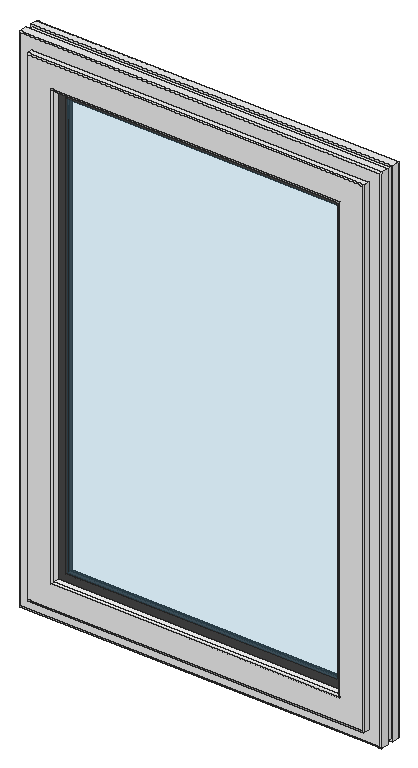
Revit family "92120", category Windows, host Wall, Revit 2018
Family settings
  Host = Wall
  OmniClass Number = 23.30.20.00
  OmniClass Title = Windows
  Always vertical = Yes
  Cut with Voids When Loaded = No
  Shared = No
  Room Calculation Point = No
Parameters (values of type "Tilt Turn Window")
  Width = 36"
  Warranty URL = "http://www.nanawall.com/support/warranty"
  URL = "http://www.nanawall.com"
  Subcategory = "Window"  # constant formula
  Sash = Metal - NanaWall - Aluminum
  Rough Width = Width - 1 25/64"  # 34 39/64"
  Rough Height = Height - 1 25/64"  # 52 39/64"
  Product Page URL = "http://www.nanawall.com/products/wd65/matching-windows"
  Product Documentation Link = "http://www.nanawall.com/cad/configuration/details?id=2&name=WD68&typ=match&cid=459&key=Tilt%20Turn%20Window"
  NanaWall Configurator = "http://www.nanawall.com/content/select-wizard"
  Model = "WD 68 Tilt Turn Window"  # constant formula
  Material = ""
  Manufacturer Toll Free Phone = "(888) 411-NANA(6262)"  # constant formula
  Manufacturer Phone = "(415) 383-3148"  # constant formula
  Manufacturer Fax = "(415) 383-0312"  # constant formula
  Manufacturer Email = "mailto:info@nanawall.com"
  Manufacturer Address = "100 Meadowcreek Drive #250, Corte Madera, CA 94925"  # constant formula
  Manufacturer = "NanaWall Systems, Inc."  # constant formula
  Installation and Service URL = "http://www.nanawall.com/support/installer"
  Height = 54"
  Glazing Options = "http://www.nanawall.com/products/sl48/glazing"
  Glass Material = Glass - NanaWall - Generic
  Filler = Rubber - NanaWall - Black
  Exterior Wall Offset = 3"
  Disclaimer = "Please note that the Revit model is for schematic purposes only.  To obtain a detailed 3D model, please go to the NanaWall's configurator at www.nanawall.com."  # constant formula
  Description = "Monumental Aluminum Framed Matching Windows and Doors"  # constant formula
  Wall Closure = By host
  Default Sill Height = 30"
  Assembly Code = "C1010.2010"
  95 CSI = "8411"  # constant formula
  04 CSI = "08 52 00"  # constant formula
Reference planes (in)
  plane 1 "Center (Front/Back)": y = 0
  plane 2: z = 0
  plane 3 "Center (Left/Right)": x = 0
  plane 4 "Left": x = -18
  plane 5 "Right": x = 18
  plane 6 "Sill": z = 30
  plane 7 "Top": z = 84
  plane 8: y = 1.125
  plane 9: y = 2
  plane 10: x = -16.9943182
  plane 11: x = 16.9943182
  plane 12: x = -21.1022727
  plane 13: x = 21.1022727
  plane 14: z = 87.1022727
  plane 15: z = 26.8977273
Forms (in)
  Extrusion 1, void
    sketch origin (0, 0, 0) x (1, 0, 0) y (0, 0, 1)
      loop
        line (-21.1022727, 87.1022727) -> (-21.1022727, 26.8977273) -> (21.1022727, 26.8977273) -> (21.1022727, 87.1022727) -> (-21.1022727, 87.1022727)
    from -5 to 5
  Sweep 2, solid, material "Rubber - NanaWall - Black" <- "Filler"
    path origin (18, 2, 48) x (1, 0, 0) y (0, 0, 1)
      loop
        line (-36, 36) -> (-36, -18) -> (0, -18) -> (0, 36) -> (-36, 36)
    profile origin (0, 2, 84) x (0, 0, 1) y (0, -1, 0)
      loop
        line (-0.7556818, 0.2897727) -> (-0.7556818, 1.1022727) -> (-2.1306818, 1.1022727) -> (-2.1306818, 0.9460227) -> (-1.0056818, 0.9460227) -> (-1.0056818, 0.4460227) -> (-2.1306818, 0.4460227) -> (-2.1306818, 0.2897727) -> (-0.7556818, 0.2897727)
  Extrusion 3, solid, material "Glass - NanaWall - Generic" <- "Glass Material"
    sketch origin (-18, 0, 0) x (0, -1, 0) y (0, 0, 1)
      loop
        line (-1.5539773, 82.9943182) -> (-1.5539773, 31.0056818) -> (-1.0539773, 31.0056818) -> (-1.0539773, 82.9943182) -> (-1.5539773, 82.9943182)
    from -34.9943182 to -1.0056818
  Sweep 4, solid, material "Metal - NanaWall - Aluminum" <- "Sash"
    path origin (18, 2, 48) x (1, 0, 0) y (0, 0, 1)
      loop
        line (0, 36) -> (-36, 36) -> (-36, -18) -> (0, -18) -> (0, 36)
    profile "Frame : Frame" origin (0, 2, 84) x (0, 0, -1) y (0, -1, 0)
      loop
        line (-2.9829545, -1.3125) -> (-0.3936074, -1.3125)
        arc (-0.3936074, -1.3125) -> (-0.2567312, -1.2693431) -> (-0.1693625, -1.1554821) r 0.2386364
        line (-0.1693625, -1.1554821) -> (0.0412953, -0.5767045) -> (1.0779836, -0.5767045)
        arc (1.0779836, -0.5767045) -> (1.2148598, -0.5335476) -> (1.3022284, -0.4196866) r 0.2386364
        line (1.3022284, -0.4196866) -> (1.4809922, 0.0714629) -> (1.4132506, 0.1392045) -> (1.2329545, 0.1392045) -> (1.2329545, 0) -> (1.1136364, 0) -> (1.1136364, 0.1392045) -> (0.7556818, 0.1392045) -> (0.7556818, 0.3380682) -> (0.65625, 0.3380682) -> (0.65625, 0.6960227) -> (0.7556818, 0.6960227) -> (0.7556818, 1.2727273) -> (1.1534091, 1.2727273) -> (1.1534091, 1.4318182) -> (1.4778466, 1.4318182) -> (1.334595, 1.8872041)
        arc (1.334595, 1.8872041) -> (1.2492031, 2.0060693) -> (1.1090687, 2.0482955) r 0.227439
        line (1.1090687, 2.0482955) -> (-1.5113636, 2.0482955)
        arc (-1.5113636, 2.0482955) -> (-1.5957343, 2.013348) -> (-1.6306818, 1.9289773) r 0.1193182
        line (-1.6306818, 1.9289773) -> (-1.6306818, 1.3125) -> (-2.9829545, 1.3125)
        arc (-2.9829545, 1.3125) -> (-3.0673252, 1.2775525) -> (-3.1022727, 1.1931818) r 0.1193182
        line (-3.1022727, 1.1931818) -> (-3.1022727, 0.3977273) -> (-2.8636364, 0.3977273) -> (-2.8636364, -0.3977273) -> (-3.1022727, -0.3977273) -> (-3.1022727, -1.1931818)
        arc (-3.1022727, -1.1931818) -> (-3.0673252, -1.2775525) -> (-2.9829545, -1.3125) r 0.1193182
Lines and regions (in)
  Masking region 1
    outline origin (0, 0, 0) x (1, 0, 0) y (0, 1, 0)
      loop
        line (19.6306818, -0.0482955) -> (19.6306818, 0.6875) -> (21.1022727, 0.6875) -> (21.1022727, 1.6022727) -> (20.8636364, 1.6022727) -> (20.8636364, 2.3977273) -> (21.1022727, 2.3977273) -> (21.1022727, 3.3125) -> (-21.1022727, 3.3125) -> (-21.1022727, 2.3977273) -> (-20.8636364, 2.3977273) -> (-20.8636364, 1.6022727) -> (-21.1022727, 1.6022727) -> (-21.1022727, 0.6875) -> (-19.6306818, 0.6875) -> (-19.6306818, -0.0482955) -> (19.6306818, -0.0482955)
  Masking region 2
    outline origin (0, 0, 0) x (1, 0, 0) y (0, 1, 0)
      loop
        line (-17.2443182, 1.8607955) -> (-17.2443182, 0.7272727) -> (17.2443182, 0.7272727) -> (17.2443182, 1.8607955) -> (-17.2443182, 1.8607955)
  Masking region 3, detail levels medium+fine
    outline origin (0, 0, 0) x (1, 0, 0) y (0, 1, 0)
      loop
        line (-16.9943182, 1.5539773) -> (-16.9943182, 1.0539773) -> (16.9943182, 1.0539773) -> (16.9943182, 1.5539773) -> (-16.9943182, 1.5539773)
  model lines
    curve 1: line (18, 2, 84) -> (-18.781838, 2, 84)
    curve 2: line (18, 2, 29.218162) -> (18, 2, 84)
    curve 3: line (-18.781838, 2, 29.218162) -> (18, 2, 29.218162)
    curve 4: line (-18.781838, 2, 84) -> (-18.781838, 2, 29.218162)
    curve 5: line (-18.781838, 2, 84) -> (18, 2, 84)
    curve 6: line (-18.781838, 2, 29.218162) -> (-18.781838, 2, 84)
    curve 7: line (18, 2, 29.218162) -> (-18.781838, 2, 29.218162)
    curve 8: line (18, 2, 84) -> (18, 2, 29.218162)
  symbolic lines, detail levels coarse+medium
    curve 9: line (-17.2443182, -0.0482955, 0) -> (-17.2443182, 3.3125, 0)
    curve 10: line (17.2443182, -0.0482955, 0) -> (17.2443182, 3.3125, 0)
  symbolic lines, detail levels fine
    curve 11: line (16.9219266, 2.5751646, 0) -> (-16.9220164, 2.5767045, 0)
Text (in)
  text "EXTERIOR" at (-58.6887958, 50.9069435, 0), in view "Ref. Level"
  text "INTERIOR" at (-58.6887958, -37.7663834, 0), in view "Ref. Level"
  text "Exterior" at (0, 43.6563107, 123.1960383), in view "Left"
  text "Exterior" at (0, 18.2938457, 125.0474676), in view "Right"
Dimensions and locks (in)
  equal spacing: plane 4 "Left", plane 3 "Center (Left/Right)", plane 5 "Right"
  "Width": plane 4 "Left" to plane 5 "Right"
  "Height": plane 6 "Sill" to plane 7 "Top"
  "Default Sill Height": plane 2 to plane 6 "Sill"
  locked: plane 8 to plane 9 at 0.875
  "Exterior Wall Offset": plane 9 to host wall
  locked: plane 6 "Sill" to Extrusion 3 sketch curve at 1.0056818
  Sweep 2 sketch curve to Sweep 2 sketch curve to Sweep 2 sketch curve to Sweep 2 sketch curve to plane 7 "Top" = 0" locked, 1 1/8" locked, 1/4" locked, 0.75568" locked
  Sweep 2 sketch curve to Sweep 2 sketch curve to plane 8 to Sweep 2 sketch curve to Sweep 2 sketch curve = 5/32" locked, 0.42898" locked, 0.07102" locked, 5/32" locked
  Extrusion 3 sketch curve to plane 8 to Extrusion 3 sketch curve = 0.42898" locked, 0.07102" locked
  locked: Extrusion 3 sketch curve to plane 7 "Top" at 1.0056818
  locked: plane 11 to plane 5 "Right" at 1.0056818
  locked: plane 4 "Left" to plane 10 at 1.0056818
  Masking region 1 sketch curve to Masking region 1 sketch curve to Masking region 1 sketch curve to Masking region 1 sketch curve to plane 4 "Left" = 0" locked, 0.23864" locked, 1.23295" locked, 1.63068" locked
  plane 5 "Right" to Masking region 1 sketch curve to Masking region 1 sketch curve to Masking region 1 sketch curve to Masking region 1 sketch curve = 1.63068" locked, 1.23295" locked, 0.23864" locked, 0" locked
  Masking region 1 sketch curve to Masking region 1 sketch curve to Masking region 1 sketch curve to plane 9 to Masking region 1 sketch curve to Masking region 1 sketch curve = 0.7358" locked, 0.91477" locked, 0.39773" locked, 0.39773" locked, 0.91477" locked
  Masking region 1 sketch curve to Masking region 1 sketch curve to plane 9 to Masking region 1 sketch curve = 0.91477" locked, 0.39773" locked, 0.39773" locked
  locked: plane 11 to Masking region 2 sketch curve at 0.25
  locked: Masking region 2 sketch curve to plane 10 at 0.25
  Masking region 2 sketch curve to Masking region 2 sketch curve to plane 9 = 1.13352" locked, 0.1392" locked
  Masking region 3 sketch curve to Masking region 3 sketch curve to plane 9 = 1/2" locked, 0.44602" locked
  locked: plane 12 to plane 4 "Left" at 3.1022727
  locked: plane 5 "Right" to plane 13 at 3.1022727
  locked: plane 7 "Top" to plane 14 at 3.1022727
  locked: plane 15 to plane 6 "Sill" at 3.1022727
  aligned and locked: level to plane 2
  aligned and locked: host wall to Extrusion 1  (x2)
  aligned and locked: plane 7 "Top" to Sweep 2 sketch curve
  aligned and locked: Sweep 2 sketch curve to plane 4 "Left"
  aligned and locked: plane 11 to Extrusion 3
  aligned and locked: plane 10 to Extrusion 3
  aligned and locked: curve 1 to plane 7 "Top"
  aligned and locked: curve 2 to plane 5 "Right"
  aligned and locked: Sweep 4 sketch curve to curve 1
  aligned and locked: curve 2 to Sweep 4 sketch curve
  aligned and locked: curve 5 to curve 1
  aligned and locked: curve 6 to curve 4
  aligned and locked: curve 7 to curve 3
  aligned and locked: curve 8 to curve 2
  aligned and locked: plane 4 "Left" to Sweep 4 sketch curve
  aligned and locked: plane 6 "Sill" to Sweep 4 sketch curve
  aligned and locked: plane 4 "Left" to nested 2
  aligned and locked: plane 5 "Right" to nested 1
  aligned and locked: nested 2 to plane 9
  aligned and locked: plane 9 to nested 1
  aligned and locked: plane 6 "Sill" to nested 4
  aligned and locked: nested 4 to plane 9
  aligned and locked: plane 9 to nested 3
  aligned and locked: plane 7 "Top" to nested 3
  aligned and locked: Masking region 3 sketch curve to Extrusion 3  (x2)
  aligned and locked: Masking region 1 to curve 9
  aligned and locked: Masking region 1 to curve 10
  aligned and locked: plane 5 "Right" to Sweep 2 sketch curve
  aligned and locked: Sweep 2 sketch curve to plane 6 "Sill"
  aligned and locked: plane 15 to Extrusion 1 sketch curve
  aligned and locked: Extrusion 1 sketch curve to plane 13
  aligned and locked: Extrusion 1 sketch curve to plane 14
  aligned and locked: plane 12 to Extrusion 1 sketch curve
Automatic sketch dimensions
  plane 4 "Left" to curve 5 = 0.78184"
  plane 6 "Sill" to curve 8 = 0.78184"
  plane 10 to curve 9 = 1/4"
  curve 11 to plane 10 = 0.0723"
  curve 11 to plane 11 = 0.07239"
  plane 11 to curve 10 = 1/4"
  curve 11 to plane 9 = 0.57516"
  curve 11 to plane 9 = 0.5767"
  curve 11 to curve 10 = 0.73734"
  curve 11 to curve 9 = 0.7358"
Nested families (in)
  nested 1: "WD 68 Tilt Turn Detail" at (18, 2, 0) x (0, -1, 0) z (0, 0, 1), type "WD 68 Tilt Turn Detail", detail levels fine
  nested 2: "WD 68 Tilt Turn Detail" at (-18, 2, 0) x (0, -1, 0) z (0, 0, 1), type "WD 68 Tilt Turn Detail", detail levels fine
  nested 3: "WD 68 Tilt Turn Detail" at (-18, 2, 84) x (0, -1, 0) z (-1, 0, 0), type "WD 68 Tilt Turn Detail", detail levels fine
  nested 4: "WD 68 Tilt Turn Detail" at (-18, 2, 30) x (0, -1, 0) z (-1, 0, 0), type "WD 68 Tilt Turn Detail", detail levels fine
Definition of nested family "WD 68 Tilt Turn Detail"
  Reference planes (in)
    plane 1 "Center (Front/Back)": y = 0
    plane 2: z = 0
    plane 3 "Center (Left/Right)": x = 0
  Lines and regions (in)
    detail lines, in view "Ref. Level"
      curve 1: line (-1.1931818, 3.1022727, 0) -> (-0.3977273, 3.1022727, 0)
      curve 2: line (-0.3977273, 3.1022727, 0) -> (-0.3977273, 2.8636364, 0)
      curve 3: line (-0.3977273, 2.8636364, 0) -> (0.3977273, 2.8636364, 0)
      curve 4: line (0.3977273, 2.8636364, 0) -> (0.3977273, 3.1022727, 0)
      curve 5: line (0.3977273, 3.1022727, 0) -> (1.1931818, 3.1022727, 0)
      curve 6: line (-1.3125, 2.9829545, 0) -> (-1.3125, 0.3936074, 0)
      curve 7: line (-1.1554821, 0.1693625, 0) -> (-0.7033425, 0.0047972, 0)
      curve 8: line (1.3125, 2.9829545, 0) -> (1.3125, 1.3920455, 0)
      curve 9: line (1.3125, 1.3920455, 0) -> (0.5170455, 1.3920455, 0)
      curve 10: line (0.5170455, 1.3920455, 0) -> (0.5170455, 1.0738636, 0)
      curve 11: line (0.5170455, 1.0738636, 0) -> (0.2784091, 1.0738636, 0)
      curve 12: line (0.2784091, 1.0738636, 0) -> (0.2784091, 0.5965909, 0)
      curve 13: line (-0.5965909, 0.5965909, 0) -> (0.2784091, 0.5965909, 0)
      curve 14: line (-0.5965909, 0.5965909, 0) -> (-0.5965909, 0.0795455, 0)
      curve 15: arc (-1.1554821, 0.1693625, 0) -> (-1.2693431, 0.2567312, 0) -> (-1.3125, 0.3936074, 0) r 0.2386364
      curve 16: arc (-1.3125, 2.9829545, 0) -> (-1.2775525, 3.0673252, 0) -> (-1.1931818, 3.1022727, 0) r 0.1193182
      curve 17: arc (1.1931818, 3.1022727, 0) -> (1.2775525, 3.0673252, 0) -> (1.3125, 2.9829545, 0) r 0.1193182
      curve 18: arc (-0.7033425, 0.0047972, 0) -> (-0.630511, 0.0143856, 0) -> (-0.5965909, 0.0795455, 0) r 0.0795455
      curve 19: line (1.3125, 1.6306818, 0) -> (1.9289773, 1.6306818, 0)
      curve 20: line (2.0482955, 1.5113636, 0) -> (2.0482955, -0.6761364, 0)
      curve 21: line (2.0482955, -0.8153409, 0) -> (2.0482955, -1.1090687, 0)
      curve 22: line (1.8872041, -1.334595, 0) -> (1.4318182, -1.4778466, 0)
      curve 23: line (1.4318182, -1.4778466, 0) -> (1.4318182, -1.1534091, 0)
      curve 24: line (1.4318182, -1.1534091, 0) -> (1.2727273, -1.1534091, 0)
      curve 25: line (1.2727273, -1.1534091, 0) -> (1.2727273, -0.7556818, 0)
      curve 26: line (1.9886364, -0.7556818, 0) -> (0.6960227, -0.7556818, 0)
      curve 27: line (0.6960227, -0.7556818, 0) -> (0.6960227, -0.65625, 0)
      curve 28: line (0.6960227, -0.65625, 0) -> (0.3380682, -0.65625, 0)
      curve 29: line (0.3380682, -0.65625, 0) -> (0.3380682, -0.7556818, 0)
      curve 30: line (0.3380682, -0.7556818, 0) -> (0.1392045, -0.7556818, 0)
      curve 31: line (0.1392045, -0.7556818, 0) -> (0.1392045, -1.1136364, 0)
      curve 32: line (0.1392045, -1.1136364, 0) -> (0, -1.1136364, 0)
      curve 33: line (0, -1.1136364, 0) -> (0, -1.2329545, 0)
      curve 34: line (0, -1.2329545, 0) -> (0.1392045, -1.2329545, 0)
      curve 35: line (0.1392045, -1.2329545, 0) -> (0.1392045, -1.4132506, 0)
      curve 36: line (0.1392045, -1.4132506, 0) -> (0.0714629, -1.4809922, 0)
      curve 37: line (0.0714629, -1.4809922, 0) -> (-0.4196866, -1.3022284, 0)
      curve 38: line (-0.5767045, -1.0779836, 0) -> (-0.5767045, 0.4375, 0)
      curve 39: line (-0.5767045, 0.4375, 0) -> (-0.2095542, 0.4375, 0)
      curve 40: line (0.0187337, 0.1988636, 0) -> (0.1392045, 0.3193345, 0)
      curve 41: line (0.1392045, 0.3193345, 0) -> (0.1600403, 0.4375, 0)
      curve 42: line (0.1600403, 0.4375, 0) -> (0.2664773, 0.4375, 0)
      curve 43: line (0.2664773, 0.4375, 0) -> (0.2664773, 0.0994318, 0)
      curve 44: line (0.2664773, 0.0994318, 0) -> (0.4653409, 0.0994318, 0)
      curve 45: line (0.4653409, 0.0994318, 0) -> (0.4653409, 0.9147727, 0)
      curve 46: line (0.6244318, 0.9147727, 0) -> (0.4653409, 0.9147727, 0)
      curve 47: line (0.6244318, 0.9147727, 0) -> (0.6244318, 0.8153409, 0)
      curve 48: line (0.6244318, 0.8153409, 0) -> (0.7039773, 0.8153409, 0)
      curve 49: line (0.7039773, 0.8153409, 0) -> (0.7039773, 0.4454545, 0)
      curve 50: line (0.7039773, 0.4454545, 0) -> (1.1931818, 0.4454545, 0)
      curve 51: line (1.1931818, 0.4454545, 0) -> (1.1931818, 0.8153409, 0)
      curve 52: line (1.1931818, 0.8153409, 0) -> (1.2727273, 0.8153409, 0)
      curve 53: line (1.2727273, 0.8153409, 0) -> (1.2727273, 0.9147727, 0)
      curve 54: line (1.2727273, 0.9147727, 0) -> (1.3125, 0.9147727, 0)
      curve 55: line (1.3125, 0.9147727, 0) -> (1.3125, 1.3920455, 0)
      curve 56: arc (1.9289773, 1.6306818, 0) -> (2.013348, 1.5957343, 0) -> (2.0482955, 1.5113636, 0) r 0.1193182
      curve 57: arc (1.9886364, -0.7556818, 0) -> (2.0317235, -0.7258523, 0) -> (2.0482955, -0.6761364, 0) r 0.0828598
      curve 58: arc (1.9886364, -0.7556818, 0) -> (2.0308217, -0.7731556, 0) -> (2.0482955, -0.8153409, 0) r 0.0596591
      curve 59: arc (2.0482955, -1.1090687, 0) -> (2.0060693, -1.2492031, 0) -> (1.8872041, -1.334595, 0) r 0.227439
      curve 60: arc (-0.5767045, -1.0779836, 0) -> (-0.5335476, -1.2148598, 0) -> (-0.4196866, -1.3022284, 0) r 0.2386364
      curve 61: arc (-0.2095542, 0.4375, 0) -> (-0.1512838, 0.2647312, 0) -> (0.0187337, 0.1988636, 0) r 0.2149721
      curve 62: line (-0.4375, 3.1022727, 0) -> (-0.4375, 0.5965909, 0)
      curve 63: line (0.4375, 3.1022727, 0) -> (0.4375, 1.0738636, 0)
      curve 64: line (1.1732955, -0.7556818, 0) -> (1.1732955, 0.4454545, 0)
      curve 65: line (0.2982955, -0.7556818, 0) -> (0.2982955, 0.0994318, 0)
      curve 66: line (-1.3125, 2.8290042, 0) -> (-1.0392315, 3.1022727, 0)
      curve 67: line (-1.3125, 2.4774596, 0) -> (-0.6876869, 3.1022727, 0)
      curve 68: line (-1.3125, 2.125915, 0) -> (-0.4375, 3.000915, 0)
      curve 69: line (-1.3125, 1.7743705, 0) -> (-0.4375, 2.6493705, 0)
      curve 70: line (-1.3125, 1.4228259, 0) -> (-0.4375, 2.2978259, 0)
      curve 71: line (-1.3125, 1.0712814, 0) -> (-0.4375, 1.9462814, 0)
      curve 72: line (-1.3125, 0.7197368, 0) -> (-0.4375, 1.5947368, 0)
      curve 73: line (-1.3112712, 0.3694211, 0) -> (-0.4375, 1.2431922, 0)
      curve 74: line (-1.1586186, 0.1705291, 0) -> (-0.4375, 0.8916477, 0)
      curve 75: line (-0.9009006, 0.0767025, 0) -> (-0.5965909, 0.3810122, 0)
      curve 76: line (0.4375, 2.8212814, 0) -> (0.7184914, 3.1022727, 0)
      curve 77: line (0.4375, 2.4697368, 0) -> (1.0700359, 3.1022727, 0)
      curve 78: line (0.4375, 2.1181922, 0) -> (1.3120942, 2.9927865, 0)
      curve 79: line (0.4375, 1.7666477, 0) -> (1.3125, 2.6416477, 0)
      curve 80: line (0.4375, 1.4151031, 0) -> (1.3125, 2.2901031, 0)
      curve 81: line (0.7659869, 1.3920455, 0) -> (1.3125, 1.9385585, 0)
      curve 82: line (1.1175315, 1.3920455, 0) -> (1.3125, 1.587014, 0)
      curve 83: line (-0.5767045, 0.1596365, 0) -> (-0.298841, 0.4375, 0)
      curve 84: line (-0.5767045, -0.1919081, 0) -> (-0.1352182, 0.2495783, 0)
      curve 85: line (-0.5767045, -0.5434526, 0) -> (0.2664773, 0.2997292, 0)
      curve 86: line (-0.5767045, -0.8949972, 0) -> (0.2982955, -0.0199972, 0)
      curve 87: line (-0.5381706, -1.2080079, 0) -> (0.2982955, -0.3715418, 0)
      curve 88: line (-0.3178955, -1.3392773, 0) -> (0.1392045, -0.8821772, 0)
      curve 89: line (-0.0601593, -1.4330856, 0) -> (0.1399718, -1.2329545, 0)
      curve 90: line (1.3125, 0.9942074, 0) -> (1.9475242, 1.6292315, 0)
      curve 91: line (1.1931818, 0.5233446, 0) -> (2.0482955, 1.3784582, 0)
      curve 92: line (1.1732955, 0.1519137, 0) -> (2.0482955, 1.0269137, 0)
      curve 93: line (1.1732955, -0.1996309, 0) -> (2.0482955, 0.6753691, 0)
      curve 94: line (1.1732955, -0.5511754, 0) -> (2.0482955, 0.3238246, 0)
      curve 95: line (1.3203336, -0.7556818, 0) -> (2.0482955, -0.02772, 0)
      curve 96: line (1.6718782, -0.7556818, 0) -> (2.0482955, -0.3792646, 0)
      curve 97: line (1.3125, 1.3457519, 0) -> (1.5974299, 1.6306818, 0)
      curve 98: line (-0.4375, 2.6580059, 0) -> (0.4375, 1.7830059, 0)
      curve 99: line (-0.4375, 2.3064614, 0) -> (0.4375, 1.4314614, 0)
      curve 100: line (-0.4375, 1.9549168, 0) -> (0.4375, 1.0799168, 0)
      curve 101: line (0.0599587, 2.8636364, 0) -> (0.4375, 2.4860951, 0)
      curve 102: line (-0.2915859, 2.8636364, 0) -> (0.4375, 2.1345505, 0)
      curve 103: line (-0.4375, 1.6033722, 0) -> (0.2784091, 0.8874631, 0)
      curve 104: line (-0.4375, 1.2518277, 0) -> (0.2177368, 0.5965909, 0)
      curve 105: line (-0.4375, 0.9002831, 0) -> (-0.1338078, 0.5965909, 0)
      curve 106: line (1.7646433, -0.7556818, 0) -> (2.0482955, -1.039334, 0)
      curve 107: line (1.4130988, -0.7556818, 0) -> (1.956838, -1.2994211, 0)
      curve 108: line (1.2727273, -0.9668549, 0) -> (1.6995105, -1.3936381, 0)
      curve 109: line (0.8307002, 0.4454545, 0) -> (1.1732955, 0.1028593, 0)
      curve 110: line (0.4653409, 0.4592693, 0) -> (1.1732955, -0.2486853, 0)
      curve 111: line (0.4736338, 0.0994318, 0) -> (1.1732955, -0.6002298, 0)
      curve 112: line (0.2982955, -0.0767744, 0) -> (0.9772029, -0.7556818, 0)
      curve 113: line (0.2982955, -0.428319, 0) -> (0.5262265, -0.65625, 0)
